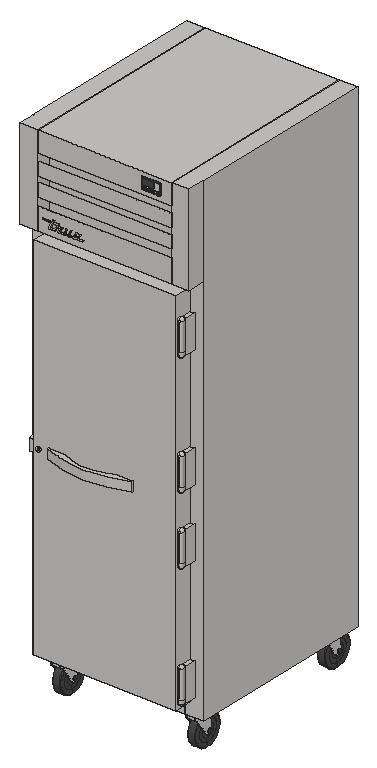
Revit family "QF_TRUE_STG1R-1S", category Specialty Equipment, Revit 2012
Parameters
  Weight in Pounds = 0
  Watts = Volts * FL Amps  # 552 W
  Volts = 115 V
  URL Manufacturer = "www.truemfg.com"
  URL Cutsheet = "www.truemfg.com"
  URL = "www.truemfg.com"
  Type Comments = "www.truemfg.com"
  Status [instance] = ""
  Specification by User [instance] = ""
  Specification by Manufacturer = ""
  Show Logo [instance] = yes
  Show Clearance [instance] = yes
  Serial Number = ""
  Seismic Rating = ""
  SMACNA No = ""
  Revision Code [instance] = ""
  Phase = 1
  Omniclass Number and Title = ""
  Number of Poles [instance] = 1
  NAFEM Spec ID Number = ""
  Model = "STG1R-1S"
  Min Ckt Ampacity = 0 A
  Max Overcurrent Protection = 0 A
  Masterspec = ""
  Manufacturer = "TRUE FOOD SERVICE EQUIPMENT, INC."
  Length = 27 1/2"
  Legs [instance] = not(Show Casters)  # no
  Item Number [instance] = ""
  Installed By [instance] = ""
  Identify Quantity as Lot [instance] = yes
  Height = 77 3/4"
  HP = "1/3"
  Furnished By [instance] = ""
  Foodservice Equipment Identifier [instance] = yes
  FL Amps = 4.8 A
  Electrical Remarks [instance] = ""
  Electric Connection Type [instance] = ""
  Elec Conn RI Height [instance] = 0"
  Elec Conn Connection Height [instance] = 0"
  Description = "REACH-IN SOLID SWING DOOR REFRIGERATORS WITH LED LIGHTING"
  Depth = 33 3/4"
  Cycle = 60 Hz
  Conn Plug = "5-15P"
  Conn Conduit = yes
  Show Casters [instance] = yes
  CSI MasterFormat = ""
  CSI Master Format = ""
  Apparent Power = if(Phase = 3, Volts * FL Amps * 1.73, Volts * FL Amps)  # 552 VA
Reference planes (in)
  plane 1 "BACK": y = 0
  plane 2: z = 0
  plane 3 "LEFT": x = 0
  plane 4 "RIGHT": x = 27.5
  plane 5 "FRONT": y = -33.75
  plane 6 "TOP": z = 84.125
  plane 7: z = 6.125
  plane 8: x = 2.84375
  plane 9: y = -33.7042
  plane 10: y = -56.78125
Forms (in)
  Extrusion 1, solid, material "QF_Finishes_Stainless Steel"
    sketch origin (0.05, 0, 0) x (1, 0, 0) y (0, 1, 0)
      loop
        line (-0.05, 0) -> (-0.05, -31) -> (2.87859, -31) -> (2.87859, 0) -> (-0.05, 0)
    from 6.125 to 84.125
  Extrusion 2, solid, material "QF_Finishes_Stainless Steel"
    sketch origin (50.15, 0, 0) x (1, 0, 0) y (0, 1, 0)
      loop
        line (-25.61468, 0) -> (-25.61468, -31) -> (-22.65, -31) -> (-22.65, 0) -> (-25.61468, 0)
    from 6.125 to 84.125
  Extrusion 3, solid, material "QF_Finishes_Stainless Steel"
    sketch origin (0, 0, 0) x (0, 1, 0) y (0, 0, 1)
      loop
        line (-33.7042, 69.5) -> (-31, 69.5) -> (-31, 6.125) -> (0, 6.125) -> (0, 84.125) -> (-33.7042, 84.125) -> (-33.7042, 80.78078) -> (-31.5, 79.21352) -> (-31.5, 78.09125) -> (-33.7042, 79.65851) -> (-33.7042, 77.5248) -> (-31.5, 75.95754) -> (-31.5, 74.99678) -> (-33.7042, 76.56404) -> (-33.7042, 74.46784) -> (-31.5, 72.90057) -> (-31.5, 71.625) -> (-33.7042, 73.19226) -> (-33.7042, 69.5)
    from 2.92859 to 24.53532
  Extrusion 4, solid, material "QF_Finishes_Stainless Steel"
    sketch origin (0, 0, 0) x (1, 0, 0) y (0, 1, 0)
      loop
        line (27.34782, -31) -> (24.53532, -31) -> (24.53532, -33.75) -> (27.34782, -33.75) -> (27.34782, -31)
    from 69.5 to 84.125
  Extrusion 5, solid, material "QF_Finishes_Stainless Steel"
    sketch origin (-50.125, 0, 0.25) x (1, 0, 0) y (0, 1, 0)
      loop
        line (53.05359, -31) -> (50.24109, -31) -> (50.24109, -33.75) -> (53.05359, -33.75) -> (53.05359, -31)
    from 69.25 to 83.875
  Extrusion 6, solid, material "QF_Finishes_Stainless Steel"
    sketch origin (-25.125, 0, -0.71875) x (1, 0, 0) y (0, 0, 1)
      loop
        line (27.40625, 68.6875) -> (27.40625, 8.75) -> (50.34375, 8.75) -> (50.34375, 68.6875) -> (27.40625, 68.6875)
    from 31 to 33.75
  Extrusion 7, solid, material "QF_Finishes_Stainless Steel"
    sketch origin (58.625, -0.25, 26.43519) x (1, 0, 0) y (0, 1, 0)
      loop
        line (-53.875, -33.5) -> (-53.875, -33.7)
        arc (-53.875, -33.7) -> (-47.075, -35.14405) -> (-40.275, -33.7) r 16.7325
        line (-40.275, -33.7) -> (-40.275, -33.5) -> (-42.675, -33.5)
        arc (-42.675, -33.5) -> (-47.075, -34.65816) -> (-51.475, -33.5) r 8.93715
        line (-51.475, -33.5) -> (-53.875, -33.5)
    from 10.87731 to 12.37731
  Extrusion 8, solid, material "QF_Finishes_Stainless Steel"
    sketch origin (-23.375, 0, -2) x (1, 0, 0) y (0, 0, 1)
      loop
        circle (26.4375, 40.0625) r 0.35
      loop
        line (26.47265, 40.33635) -> (26.41715, 40.33635) -> (26.41715, 39.76895) -> (26.47265, 39.76895) -> (26.47265, 40.33635)
    from 33.5 to 33.83066
  Extrusion 9, solid, material "QF_Finishes_Stainless Steel", visible <- "Show Logo"
    sketch origin (0.33478, 1.08173, -6.73143) x (1, 0, 0) y (0, 0, 1)
      loop
        line (3.46044, 78.46231) -> (3.35478, 78.23573) -> (4.76027, 78.23573)
        arc (4.76027, 78.23573) -> (4.78879, 78.18528) -> (4.76027, 78.13484) r 0.05887
        line (4.76027, 78.13484) -> (4.39369, 77.34872)
        arc (4.39369, 77.34872) -> (4.39051, 77.27591) -> (4.43975, 77.22217) r 0.09523
        line (4.43975, 77.22217) -> (5.33844, 77.22217)
        arc (5.33844, 77.22217) -> (5.45192, 77.25795) -> (5.52436, 77.35235) r 0.19785
        line (5.52436, 77.35235) -> (5.81285, 77.97101) -> (6.0779, 77.97101)
        arc (6.0779, 77.97101) -> (6.14744, 77.94543) -> (6.13737, 77.87203) r 0.05911
        line (6.13737, 77.87203) -> (5.89598, 77.35437)
        arc (5.89598, 77.35437) -> (5.89974, 77.2684) -> (5.97231, 77.22217) r 0.09318
        line (5.97231, 77.22217) -> (6.76198, 77.22217)
        arc (6.76198, 77.22217) -> (6.82249, 77.24419) -> (6.85468, 77.29995) r 0.09412
        arc (6.85468, 77.29995) -> (6.87746, 77.24495) -> (6.93246, 77.22217) r 0.07778
        line (6.93246, 77.22217) -> (7.43246, 77.22217)
        arc (7.43246, 77.22217) -> (7.49022, 77.23765) -> (7.53251, 77.27993) r 0.11552
        arc (7.53251, 77.27993) -> (7.55275, 77.23106) -> (7.60162, 77.21081) r 0.06912
        line (7.60162, 77.21081) -> (8.31225, 77.21081)
        arc (8.31225, 77.21081) -> (8.37034, 77.23488) -> (8.39441, 77.29297) r 0.08216
        arc (8.39441, 77.29297) -> (8.44767, 77.23972) -> (8.52042, 77.22022) r 0.14551
        line (8.52042, 77.22022) -> (9.85158, 77.22022) -> (9.99946, 77.47634) -> (8.65678, 77.47634)
        arc (8.65678, 77.47634) -> (8.61972, 77.50204) -> (8.61834, 77.54711) r 0.05009
        line (8.61834, 77.54711) -> (8.64157, 77.59692)
        arc (8.64157, 77.59692) -> (8.67723, 77.64364) -> (8.73327, 77.66135) r 0.09747
        line (8.73327, 77.66135) -> (9.16485, 77.66135)
        arc (9.16485, 77.66135) -> (9.258, 77.68631) -> (9.32619, 77.7545) r 0.1863
        line (9.32619, 77.7545) -> (9.45119, 77.97101)
        arc (9.45119, 77.97101) -> (9.45119, 78.08657) -> (9.35111, 78.14434) r 0.11556
        line (9.35111, 78.14434) -> (8.89562, 78.14434)
        arc (8.89562, 78.14434) -> (8.7795, 78.12462) -> (8.69849, 78.03912) r 0.18605
        line (8.69849, 78.03912) -> (8.48204, 77.57493)
        arc (8.48204, 77.57493) -> (8.41815, 77.49167) -> (8.31806, 77.46011) r 0.1745
        line (8.31806, 77.46011) -> (7.84559, 77.46011)
        arc (7.84559, 77.46011) -> (7.78903, 77.52184) -> (7.79268, 77.60548) r 0.10939
        line (7.79268, 77.60548) -> (8.04395, 78.14434) -> (7.88403, 78.14434) -> (7.61781, 77.57344)
        arc (7.61781, 77.57344) -> (7.56609, 77.50603) -> (7.48505, 77.48048) r 0.14128
        line (7.48505, 77.48048) -> (7.15925, 77.48048)
        arc (7.15925, 77.48048) -> (7.10419, 77.55223) -> (7.116, 77.64189) r 0.11816
        line (7.116, 77.64189) -> (7.3503, 78.14434) -> (7.18514, 78.14434) -> (6.91546, 77.566)
        arc (6.91546, 77.566) -> (6.85285, 77.50339) -> (6.76733, 77.48048) r 0.17104
        line (6.76733, 77.48048) -> (6.29555, 77.48048)
        arc (6.29555, 77.48048) -> (6.21082, 77.51999) -> (6.20267, 77.61313) r 0.0935
        line (6.20267, 77.61313) -> (6.35774, 77.94569) -> (6.57695, 77.94569)
        arc (6.57695, 77.94569) -> (6.61395, 78.05717) -> (6.69267, 78.14434) r 0.2857
        line (6.69267, 78.14434) -> (5.83605, 78.14434)
        arc (5.83605, 78.14434) -> (5.74086, 78.12324) -> (5.67498, 78.05135) r 0.16212
        line (5.67498, 78.05135) -> (5.44279, 77.55341)
        arc (5.44279, 77.55341) -> (5.3894, 77.50002) -> (5.31647, 77.48048) r 0.14586
        line (5.31647, 77.48048) -> (4.80506, 77.48048)
        arc (4.80506, 77.48048) -> (4.76514, 77.53442) -> (4.77274, 77.60109) r 0.09155
        line (4.77274, 77.60109) -> (5.11018, 78.23573) -> (5.96155, 78.23573) -> (6.06721, 78.46231) -> (5.21584, 78.46231) -> (5.32149, 78.68888) -> (5.01862, 78.68888) -> (4.91297, 78.46231) -> (3.46044, 78.46231)
      loop
        arc (8.83805, 77.93863) -> (8.80119, 77.92875) -> (8.7742, 77.90176) r 0.07373
        line (8.7742, 77.90176) -> (8.75229, 77.83436)
        arc (8.75229, 77.83436) -> (8.76245, 77.80983) -> (8.78699, 77.79966) r 0.0347
        line (8.78699, 77.79966) -> (9.15948, 77.79966)
        arc (9.15948, 77.79966) -> (9.18632, 77.80561) -> (9.20812, 77.82234) r 0.0635
        line (9.20812, 77.82234) -> (9.22624, 77.90622)
        arc (9.22624, 77.90622) -> (9.22091, 77.92868) -> (9.20009, 77.93863) r 0.02676
        line (9.20009, 77.93863) -> (8.83805, 77.93863)
    from 34.76797 to 34.83173
  Extrusion 10, solid, material "QF_Finishes_Stainless Steel"
    sketch origin (-25.125, 0, 0) x (1, 0, 0) y (0, 0, 1)
      loop
        circle (49.375, 82) r 0.25
    from 0 to 0.0625
  Blend 11, solid, material "QF_Finishes_Stainless Steel"
    base sketch origin (27.53125, 0, 0) x (-1, 0, 0) y (0, 0, -1)
      loop
        line (25.25, -38.99169) -> (26, -38.99169) -> (26, -37.24169) -> (25.25, -37.24169) -> (25.25, -38.99169)
    top sketch origin (27.53125, 0, 0) x (-1, 0, 0) y (0, 0, -1)
      loop
        line (26.18223, -36.6441) -> (25.25, -36.6441) -> (25.25, -39.42643) -> (26.18223, -39.42643) -> (26.18223, -36.6441)
    from 33.57883 to 31
  Extrusion 12, solid, material "QF_Finishes_Stainless Steel"
    sketch origin (26.1875, 0, 0) x (0, 1, 0) y (0, 0, -1)
      loop
        line (-31, -64.55229) -> (-31, -59.23627) -> (-33.25, -59.23627) -> (-33.25, -59.94848) -> (-32.81497, -59.94848) -> (-32.81497, -64.34776)
        arc (-32.81497, -64.34776) -> (-32.75506, -64.49238) -> (-32.61044, -64.55229) r 0.20453
        line (-32.61044, -64.55229) -> (-31, -64.55229)
    from 0.17506 to 1
  Revolve 13, solid, material "QF_Finishes_Stainless Steel"
    sketch origin (25.6875, 0, 0) x (0, 1, 0) y (0, 0, -1)
      loop
        line (-33.26563, -60.00189) -> (-33.67229, -60.00189) -> (-33.67229, -64.4736)
        arc (-33.67229, -64.4736) -> (-33.53722, -64.72557) -> (-33.26563, -64.81483) r 0.3848
        line (-33.26563, -64.81483) -> (-33.26563, -60.00189)
      loop
        line (-33.26563, -59.94848) -> (-33.26563, -59.04781)
        arc (-33.26563, -59.04781) -> (-33.53264, -59.13383) -> (-33.67229, -59.37712) r 0.38884
        line (-33.67229, -59.37712) -> (-33.67229, -59.94848) -> (-33.26563, -59.94848)
      axis (-33.26563, -59.04781) -> (-33.26563, -64.81483)
    angle from 0 to 360
  Extrusion 14, solid, material "QF_Finishes_Stainless Steel"
    sketch origin (27.5, 0, 0) x (-1, 0, 0) y (0, 0, -1)
      loop
        line (1.91491, -64.4736) -> (2.3125, -64.4736) -> (2.3125, -60.00079) -> (1.91491, -60.00079) -> (1.91491, -64.4736)
    from 32.81497 to 33.59495
  Extrusion 15, solid, material "QF_Finishes_Stainless Steel"
    sketch origin (26.1875, 0, -19.5) x (0, 1, 0) y (0, 0, -1)
      loop
        line (-31, -64.55229) -> (-31, -59.23627) -> (-33.25, -59.23627) -> (-33.25, -59.94848) -> (-32.81497, -59.94848) -> (-32.81497, -64.34776)
        arc (-32.81497, -64.34776) -> (-32.75506, -64.49238) -> (-32.61044, -64.55229) r 0.20453
        line (-32.61044, -64.55229) -> (-31, -64.55229)
    from 0.17506 to 1
  Revolve 16, solid, material "QF_Finishes_Stainless Steel"
    sketch origin (25.6875, 0, -19.5) x (0, 1, 0) y (0, 0, -1)
      loop
        line (-33.26563, -60.00189) -> (-33.67229, -60.00189) -> (-33.67229, -64.4736)
        arc (-33.67229, -64.4736) -> (-33.53722, -64.72557) -> (-33.26563, -64.81483) r 0.3848
        line (-33.26563, -64.81483) -> (-33.26563, -60.00189)
      loop
        line (-33.26563, -59.94848) -> (-33.26563, -59.04781)
        arc (-33.26563, -59.04781) -> (-33.53264, -59.13383) -> (-33.67229, -59.37712) r 0.38884
        line (-33.67229, -59.37712) -> (-33.67229, -59.94848) -> (-33.26563, -59.94848)
      axis (-33.26563, -59.04781) -> (-33.26563, -64.81483)
    angle from 0 to 360
  Extrusion 17, solid, material "QF_Finishes_Stainless Steel"
    sketch origin (27.5, 0, -19.5) x (-1, 0, 0) y (0, 0, -1)
      loop
        line (1.91491, -64.4736) -> (2.3125, -64.4736) -> (2.3125, -60.00079) -> (1.91491, -60.00079) -> (1.91491, -64.4736)
    from 32.81497 to 33.59495
  Extrusion 18, solid, material "QF_Finishes_Stainless Steel"
    sketch origin (26.1875, 0, -30.5) x (0, 1, 0) y (0, 0, -1)
      loop
        line (-31, -64.55229) -> (-31, -59.23627) -> (-33.25, -59.23627) -> (-33.25, -59.94848) -> (-32.81497, -59.94848) -> (-32.81497, -64.34776)
        arc (-32.81497, -64.34776) -> (-32.75506, -64.49238) -> (-32.61044, -64.55229) r 0.20453
        line (-32.61044, -64.55229) -> (-31, -64.55229)
    from 0.17506 to 1
  Revolve 19, solid, material "QF_Finishes_Stainless Steel"
    sketch origin (25.6875, 0, -30.5) x (0, 1, 0) y (0, 0, -1)
      loop
        line (-33.26563, -60.00189) -> (-33.67229, -60.00189) -> (-33.67229, -64.4736)
        arc (-33.67229, -64.4736) -> (-33.53722, -64.72557) -> (-33.26563, -64.81483) r 0.3848
        line (-33.26563, -64.81483) -> (-33.26563, -60.00189)
      loop
        line (-33.26563, -59.94848) -> (-33.26563, -59.04781)
        arc (-33.26563, -59.04781) -> (-33.53264, -59.13383) -> (-33.67229, -59.37712) r 0.38884
        line (-33.67229, -59.37712) -> (-33.67229, -59.94848) -> (-33.26563, -59.94848)
      axis (-33.26563, -59.04781) -> (-33.26563, -64.81483)
    angle from 0 to 360
  Extrusion 20, solid, material "QF_Finishes_Stainless Steel"
    sketch origin (27.5, 0, -30.5) x (-1, 0, 0) y (0, 0, -1)
      loop
        line (1.91491, -64.4736) -> (2.3125, -64.4736) -> (2.3125, -60.00079) -> (1.91491, -60.00079) -> (1.91491, -64.4736)
    from 32.81497 to 33.59495
  Extrusion 21, solid, material "QF_Finishes_Stainless Steel"
    sketch origin (26.1875, 0, -50.25) x (0, 1, 0) y (0, 0, -1)
      loop
        line (-31, -64.55229) -> (-31, -59.23627) -> (-33.25, -59.23627) -> (-33.25, -59.94848) -> (-32.81497, -59.94848) -> (-32.81497, -64.34776)
        arc (-32.81497, -64.34776) -> (-32.75506, -64.49238) -> (-32.61044, -64.55229) r 0.20453
        line (-32.61044, -64.55229) -> (-31, -64.55229)
    from 0.17506 to 1
  Revolve 22, solid, material "QF_Finishes_Stainless Steel"
    sketch origin (25.6875, 0, -50.25) x (0, 1, 0) y (0, 0, -1)
      loop
        line (-33.26563, -60.00189) -> (-33.67229, -60.00189) -> (-33.67229, -64.4736)
        arc (-33.67229, -64.4736) -> (-33.53722, -64.72557) -> (-33.26563, -64.81483) r 0.3848
        line (-33.26563, -64.81483) -> (-33.26563, -60.00189)
      loop
        line (-33.26563, -59.94848) -> (-33.26563, -59.04781)
        arc (-33.26563, -59.04781) -> (-33.53264, -59.13383) -> (-33.67229, -59.37712) r 0.38884
        line (-33.67229, -59.37712) -> (-33.67229, -59.94848) -> (-33.26563, -59.94848)
      axis (-33.26563, -59.04781) -> (-33.26563, -64.81483)
    angle from 0 to 360
  Extrusion 23, solid, material "QF_Finishes_Stainless Steel"
    sketch origin (27.5, 0, -50.25) x (-1, 0, 0) y (0, 0, -1)
      loop
        line (1.91491, -64.4736) -> (2.3125, -64.4736) -> (2.3125, -60.00079) -> (1.91491, -60.00079) -> (1.91491, -64.4736)
    from 32.81497 to 33.59495
  Revolve 24, solid, material "QF_Finishes_Black", visible <- "Show Casters"
    sketch origin (22.65625, -27.375, 0) x (1, 0, 0) y (0, 0, 1)
      loop
        line (1.475, 5) -> (1.375, 4.9) -> (1.375, 4.29941) -> (1.53601, 4.29941) -> (1.53601, 3.54941) -> (1.375, 3.54941) -> (1.375, 2.79941) -> (0.975, 2.79941) -> (0.975, 2.5) -> (3.025, 2.5) -> (3.025, 2.79941) -> (2.62908, 2.79941) -> (2.62908, 3.54941) -> (2.46399, 3.54941) -> (2.46399, 4.29941) -> (2.62908, 4.29941) -> (2.62908, 4.89592) -> (2.525, 5) -> (1.475, 5)
      axis (3.025, 2.5) -> (0.975, 2.5)
    angle from 0 to 360
  Extrusion 25, solid, material "QF_Finishes_Stainless Steel", visible <- "Show Casters"
    sketch origin (22.5625, 0, 0) x (0, 1, 0) y (0, 0, 1)
      loop
        line (-29.95136, 5.48574) -> (-29.95136, 4.88089) -> (-29.70136, 4.88089) -> (-27.95216, 2.18736)
        arc (-27.95216, 2.18736) -> (-27.23883, 1.94868) -> (-26.84581, 2.59003) r 0.60416
        line (-26.84581, 2.59003) -> (-27.20136, 5.48574) -> (-29.95136, 5.48574)
      loop
        line (-3.8577, 5.48574) -> (-3.8577, 4.88089) -> (-3.6077, 4.88089) -> (-1.8585, 2.18736)
        arc (-1.8585, 2.18736) -> (-1.14517, 1.94868) -> (-0.75215, 2.59003) r 0.60416
        line (-0.75215, 2.59003) -> (-1.1077, 5.48574) -> (-3.8577, 5.48574)
    from 1.175 to 1.325
  Extrusion 26, solid, material "QF_Finishes_Stainless Steel", visible <- "Show Casters"
    sketch origin (24.0625, 0, 0) x (0, 1, 0) y (0, 0, 1)
      loop
        line (-29.95136, 5.48574) -> (-29.95136, 4.88089) -> (-29.70136, 4.88089) -> (-27.95216, 2.18736)
        arc (-27.95216, 2.18736) -> (-27.23883, 1.94868) -> (-26.84581, 2.59003) r 0.60416
        line (-26.84581, 2.59003) -> (-27.20136, 5.48574) -> (-29.95136, 5.48574)
      loop
        line (-3.8577, 5.48574) -> (-3.8577, 4.88089) -> (-3.6077, 4.88089) -> (-1.8585, 2.18736)
        arc (-1.8585, 2.18736) -> (-1.14517, 1.94868) -> (-0.75215, 2.59003) r 0.60416
        line (-0.75215, 2.59003) -> (-1.1077, 5.48574) -> (-3.8577, 5.48574)
    from 1.175 to 1.325
  Revolve 27, solid, material "QF_Finishes_Stainless Steel", visible <- "Show Casters"
    sketch origin (22.65625, -28.5625, -0.5) x (1, 0, 0) y (0, 0, 1)
      loop
        line (2, 5.99546) -> (2, 6.62359) -> (0.70293, 6.62359) -> (0.70293, 5.99546) -> (2, 5.99546)
      axis (2, 5.99546) -> (2, 6.62359)
    angle from 0 to 360
  Revolve 28, solid, material "QF_Finishes_Stainless Steel", visible <- "Legs"
    sketch origin (22.65625, -2.69102, 0) x (1, 0, 0) y (0, 0, 1)
      loop
        line (2, 6.125) -> (0.66662, 6.125) -> (1.25, 1) -> (1.5, 1) -> (1.5, 0) -> (2, 0) -> (2, 6.125)
      axis (2, 0) -> (2, 6.125)
    angle from 0 to 360
  Revolve 29, solid, material "QF_Finishes_Stainless Steel", visible <- "Legs"
    sketch origin (22.65625, -28.65977, 0) x (1, 0, 0) y (0, 0, 1)
      loop
        line (2, 6.125) -> (0.66662, 6.125) -> (1.25, 1) -> (1.5, 1) -> (1.5, 0) -> (2, 0) -> (2, 6.125)
      axis (2, 0) -> (2, 6.125)
    angle from 0 to 360
  Revolve 30, solid, material "QF_Finishes_Stainless Steel", visible <- "Show Casters"
    sketch origin (22.65625, -2.70321, -0.5) x (1, 0, 0) y (0, 0, 1)
      loop
        line (2, 5.99546) -> (2, 6.62359) -> (0.70293, 6.62359) -> (0.70293, 5.99546) -> (2, 5.99546)
      axis (2, 5.99546) -> (2, 6.62359)
    angle from 0 to 360
  Extrusion 31, solid, material "QF_Finishes_Stainless Steel", visible <- "Show Casters"
    sketch origin (-25.21875, 0, 0) x (0, 1, 0) y (0, 0, 1)
      loop
        line (-29.95136, 5.48574) -> (-29.95136, 4.88089) -> (-29.70136, 4.88089) -> (-27.16533, 5.19227) -> (-27.20136, 5.48574) -> (-29.95136, 5.48574)
      loop
        line (-3.8577, 5.48574) -> (-3.8577, 4.88089) -> (-3.6077, 4.88089) -> (-1.07167, 5.19227) -> (-1.1077, 5.48574) -> (-3.8577, 5.48574)
    from 49.10625 to 50.45625
  Revolve 32, solid, material "QF_Finishes_Black", visible <- "Show Casters"
    sketch origin (22.65625, -1.21875, 0) x (1, 0, 0) y (0, 0, 1)
      loop
        line (1.475, 5) -> (1.375, 4.9) -> (1.375, 4.29941) -> (1.53601, 4.29941) -> (1.53601, 3.54941) -> (1.375, 3.54941) -> (1.375, 2.79941) -> (0.975, 2.79941) -> (0.975, 2.5) -> (3.025, 2.5) -> (3.025, 2.79941) -> (2.62908, 2.79941) -> (2.62908, 3.54941) -> (2.46399, 3.54941) -> (2.46399, 4.29941) -> (2.62908, 4.29941) -> (2.62908, 4.89592) -> (2.525, 5) -> (1.475, 5)
      axis (3.025, 2.5) -> (0.975, 2.5)
    angle from 0 to 360
  Revolve 33, solid, material "QF_Finishes_Black", visible <- "Show Casters"
    sketch origin (0.84375, -27.375, 0) x (1, 0, 0) y (0, 0, 1)
      loop
        line (1.475, 5) -> (1.375, 4.9) -> (1.375, 4.29941) -> (1.53601, 4.29941) -> (1.53601, 3.54941) -> (1.375, 3.54941) -> (1.375, 2.79941) -> (0.975, 2.79941) -> (0.975, 2.5) -> (3.025, 2.5) -> (3.025, 2.79941) -> (2.62908, 2.79941) -> (2.62908, 3.54941) -> (2.46399, 3.54941) -> (2.46399, 4.29941) -> (2.62908, 4.29941) -> (2.62908, 4.89592) -> (2.525, 5) -> (1.475, 5)
      axis (3.025, 2.5) -> (0.975, 2.5)
    angle from 0 to 360
  Extrusion 34, solid, material "QF_Finishes_Stainless Steel", visible <- "Show Casters"
    sketch origin (0.84375, 0, 0) x (0, 1, 0) y (0, 0, 1)
      loop
        line (-29.95136, 5.48574) -> (-29.95136, 4.88089) -> (-29.70136, 4.88089) -> (-27.95216, 2.18736)
        arc (-27.95216, 2.18736) -> (-27.23883, 1.94868) -> (-26.84581, 2.59003) r 0.60416
        line (-26.84581, 2.59003) -> (-27.20136, 5.48574) -> (-29.95136, 5.48574)
      loop
        line (-3.8577, 5.48574) -> (-3.8577, 4.88089) -> (-3.6077, 4.88089) -> (-1.8585, 2.18736)
        arc (-1.8585, 2.18736) -> (-1.14517, 1.94868) -> (-0.75215, 2.59003) r 0.60416
        line (-0.75215, 2.59003) -> (-1.1077, 5.48574) -> (-3.8577, 5.48574)
    from 1.175 to 1.325
  Extrusion 35, solid, material "QF_Finishes_Stainless Steel", visible <- "Show Casters"
    sketch origin (2.34375, 0, 0) x (0, 1, 0) y (0, 0, 1)
      loop
        line (-29.95136, 5.48574) -> (-29.95136, 4.88089) -> (-29.70136, 4.88089) -> (-27.95216, 2.18736)
        arc (-27.95216, 2.18736) -> (-27.23883, 1.94868) -> (-26.84581, 2.59003) r 0.60416
        line (-26.84581, 2.59003) -> (-27.20136, 5.48574) -> (-29.95136, 5.48574)
      loop
        line (-3.8577, 5.48574) -> (-3.8577, 4.88089) -> (-3.6077, 4.88089) -> (-1.8585, 2.18736)
        arc (-1.8585, 2.18736) -> (-1.14517, 1.94868) -> (-0.75215, 2.59003) r 0.60416
        line (-0.75215, 2.59003) -> (-1.1077, 5.48574) -> (-3.8577, 5.48574)
    from 1.175 to 1.325
  Revolve 36, solid, material "QF_Finishes_Stainless Steel", visible <- "Show Casters"
    sketch origin (0.84375, -28.5625, -0.5) x (1, 0, 0) y (0, 0, 1)
      loop
        line (2, 5.99546) -> (2, 6.62359) -> (0.70293, 6.62359) -> (0.70293, 5.99546) -> (2, 5.99546)
      axis (2, 5.99546) -> (2, 6.62359)
    angle from 0 to 360
  Revolve 37, solid, material "QF_Finishes_Stainless Steel", visible <- "Legs"
    sketch origin (0.84375, -2.69102, 0) x (1, 0, 0) y (0, 0, 1)
      loop
        line (2, 6.125) -> (0.66662, 6.125) -> (1.25, 1) -> (1.5, 1) -> (1.5, 0) -> (2, 0) -> (2, 6.125)
      axis (2, 0) -> (2, 6.125)
    angle from 0 to 360
  Revolve 38, solid, material "QF_Finishes_Stainless Steel", visible <- "Legs"
    sketch origin (0.84375, -28.65977, 0) x (1, 0, 0) y (0, 0, 1)
      loop
        line (2, 6.125) -> (0.66662, 6.125) -> (1.25, 1) -> (1.5, 1) -> (1.5, 0) -> (2, 0) -> (2, 6.125)
      axis (2, 0) -> (2, 6.125)
    angle from 0 to 360
  Revolve 39, solid, material "QF_Finishes_Stainless Steel", visible <- "Show Casters"
    sketch origin (0.84375, -2.70321, -0.5) x (1, 0, 0) y (0, 0, 1)
      loop
        line (2, 5.99546) -> (2, 6.62359) -> (0.70293, 6.62359) -> (0.70293, 5.99546) -> (2, 5.99546)
      axis (2, 5.99546) -> (2, 6.62359)
    angle from 0 to 360
  Extrusion 40, solid, material "QF_Finishes_Stainless Steel", visible <- "Show Casters"
    sketch origin (-46.9375, 0, 0) x (0, 1, 0) y (0, 0, 1)
      loop
        line (-29.95136, 5.48574) -> (-29.95136, 4.88089) -> (-29.70136, 4.88089) -> (-27.16533, 5.19227) -> (-27.20136, 5.48574) -> (-29.95136, 5.48574)
      loop
        line (-3.8577, 5.48574) -> (-3.8577, 4.88089) -> (-3.6077, 4.88089) -> (-1.07167, 5.19227) -> (-1.1077, 5.48574) -> (-3.8577, 5.48574)
    from 49.10625 to 50.45625
  Revolve 41, solid, material "QF_Finishes_Black", visible <- "Show Casters"
    sketch origin (0.84375, -1.21875, 0) x (1, 0, 0) y (0, 0, 1)
      loop
        line (1.475, 5) -> (1.375, 4.9) -> (1.375, 4.29941) -> (1.53601, 4.29941) -> (1.53601, 3.54941) -> (1.375, 3.54941) -> (1.375, 2.79941) -> (0.975, 2.79941) -> (0.975, 2.5) -> (3.025, 2.5) -> (3.025, 2.79941) -> (2.62908, 2.79941) -> (2.62908, 3.54941) -> (2.46399, 3.54941) -> (2.46399, 4.29941) -> (2.62908, 4.29941) -> (2.62908, 4.89592) -> (2.525, 5) -> (1.475, 5)
      axis (3.025, 2.5) -> (0.975, 2.5)
    angle from 0 to 360
  Extrusion 42, solid, material "QF_Finishes_White"
    sketch origin (-23.16691, 1.06376, 1.58022) x (1, 0, 0) y (0, 0, 1)
      loop
        line (42.91107, 81.73227) -> (42.91107, 79.98496) -> (45.81732, 79.98496) -> (45.81732, 81.73227) -> (42.91107, 81.73227)
    from 34.75 to 34.76797
  Extrusion 43, solid, material "QF_Finishes_Black"
    sketch origin (-23.16691, 1.06376, 1.58022) x (1, 0, 0) y (0, 0, 1)
      loop
        line (45.87982, 81.79477) -> (42.84857, 81.79477) -> (42.84857, 79.92246) -> (45.87982, 79.92246) -> (45.87982, 81.79477)
      loop
        spline (43.04857, 80.25372) -> (43.05708, 80.23754) -> (43.08206, 80.22247) -> (43.12179, 80.20952) -> (43.17357, 80.19959) -> (43.23386, 80.19335) -> (43.29857, 80.19122) -> (43.36327, 80.19335) -> (43.42357, 80.19959) -> (43.47534, 80.20952) -> (43.51507, 80.22247) -> (43.54005, 80.23754) -> (43.54857, 80.25372)
        spline (43.54857, 80.25372) -> (43.54005, 80.26989) -> (43.51507, 80.28497) -> (43.47534, 80.29791) -> (43.42357, 80.30784) -> (43.36327, 80.31409) -> (43.29857, 80.31622) -> (43.23386, 80.31409) -> (43.17357, 80.30784) -> (43.12179, 80.29791) -> (43.08206, 80.28497) -> (43.05708, 80.26989) -> (43.04857, 80.25372)
      loop
        spline (43.74458, 80.25372) -> (43.7531, 80.23754) -> (43.77807, 80.22247) -> (43.8178, 80.20952) -> (43.86958, 80.19959) -> (43.92987, 80.19335) -> (43.99458, 80.19122) -> (44.05928, 80.19335) -> (44.11958, 80.19959) -> (44.17136, 80.20952) -> (44.21109, 80.22247) -> (44.23606, 80.23754) -> (44.24458, 80.25372)
        spline (44.24458, 80.25372) -> (44.23606, 80.26989) -> (44.21109, 80.28497) -> (44.17136, 80.29791) -> (44.11958, 80.30784) -> (44.05928, 80.31409) -> (43.99458, 80.31622) -> (43.92987, 80.31409) -> (43.86958, 80.30784) -> (43.8178, 80.29791) -> (43.77807, 80.28497) -> (43.7531, 80.26989) -> (43.74458, 80.25372)
      loop
        spline (44.49458, 80.25372) -> (44.5031, 80.23754) -> (44.52807, 80.22247) -> (44.5678, 80.20952) -> (44.61958, 80.19959) -> (44.67987, 80.19335) -> (44.74458, 80.19122) -> (44.80928, 80.19335) -> (44.86958, 80.19959) -> (44.92136, 80.20952) -> (44.96109, 80.22247) -> (44.98606, 80.23754) -> (44.99458, 80.25372)
        spline (44.99458, 80.25372) -> (44.98606, 80.26989) -> (44.96109, 80.28497) -> (44.92136, 80.29791) -> (44.86958, 80.30784) -> (44.80928, 80.31409) -> (44.74458, 80.31622) -> (44.67987, 80.31409) -> (44.61958, 80.30784) -> (44.5678, 80.29791) -> (44.52807, 80.28497) -> (44.5031, 80.26989) -> (44.49458, 80.25372)
      loop
        line (43.04856, 81.59478) -> (43.04856, 80.59478) -> (44.74808, 80.59478) -> (44.74808, 81.59478) -> (43.04856, 81.59478)
      loop
        line (45.81732, 81.73227) -> (42.91107, 81.73227) -> (42.91107, 79.98496) -> (45.81732, 79.98496) -> (45.81732, 81.73227)
      loop
        spline (45.24458, 80.25372) -> (45.2531, 80.23754) -> (45.27807, 80.22247) -> (45.3178, 80.20952) -> (45.36958, 80.19959) -> (45.42987, 80.19335) -> (45.49458, 80.19122) -> (45.55928, 80.19335) -> (45.61958, 80.19959) -> (45.67136, 80.20952) -> (45.71109, 80.22247) -> (45.73606, 80.23754) -> (45.74458, 80.25372)
        spline (45.74458, 80.25372) -> (45.73606, 80.26989) -> (45.71109, 80.28497) -> (45.67136, 80.29791) -> (45.61958, 80.30784) -> (45.55928, 80.31409) -> (45.49458, 80.31622) -> (45.42987, 80.31409) -> (45.36958, 80.30784) -> (45.3178, 80.29791) -> (45.27807, 80.28497) -> (45.2531, 80.26989) -> (45.24458, 80.25372)
    from 34.76797 to 34.80335
  Extrusion 44, solid, material "QF_Door-Drawer Clearances", visible <- "Show Clearance", detail levels coarse
    sketch origin (26.42841, -3.66828, 0) x (1, 0, 0) y (0, 1, 0)
      loop
        line (-1.20973, -30.08193) -> (-24.14716, -30.08193)
        arc (-24.14716, -30.08193) -> (-17.48395, -46.38342) -> (-1.20973, -53.11297) r 22.86401
        line (-1.20973, -53.11297) -> (-1.20973, -30.08193)
    from 8.03125 to 67.96875
Cuts and joins
  joined: Extrusion 1, Extrusion 2, Extrusion 4, Extrusion 5
Lines and regions (in)
  symbolic lines
    curve 1: line (0, 0, 0) -> (27.5, 0, 0)
    curve 2: line (0, -33.75, 0) -> (0, 0, 0)
    curve 3: line (27.5, -33.75, 0) -> (0, -33.75, 0)
    curve 4: line (27.5, 0, 0) -> (27.5, -33.75, 0)
    curve 5: line (27.5, -31.5, 0) -> (0, -31.5, 0)
    curve 22: arc (15.95746, -33.75, 0) -> (11.55746, -34.90816, 0) -> (7.15746, -33.75, 0) r 8.93715
    curve 23: arc (4.75746, -33.95, 0) -> (11.55746, -35.39405, 0) -> (18.35746, -33.95, 0) r 16.7325
    curve 24: line (4.75746, -33.75, 0) -> (4.75746, -33.95, 0)
    curve 25: line (18.35746, -33.95, 0) -> (18.35746, -33.75, 0)
  symbolic lines, style "SpecialityEquipmentHiddenLines", visible <- "Show Casters"
    curve 6: line (3.82597, -24.4208, 0) -> (5.12501, -25.1708, 0)
    curve 7: line (1.20097, -28.96743, 0) -> (3.82597, -24.4208, 0)
    curve 8: line (2.50001, -29.71743, 0) -> (1.20097, -28.96743, 0)
    curve 9: line (5.12501, -25.1708, 0) -> (2.50001, -29.71743, 0)
    curve 10: line (3.82597, -0.4208, 0) -> (5.12501, -1.1708, 0)
    curve 11: line (1.20097, -4.96743, 0) -> (3.82597, -0.4208, 0)
    curve 12: line (2.50001, -5.71743, 0) -> (1.20097, -4.96743, 0)
    curve 13: line (5.12501, -1.1708, 0) -> (2.50001, -5.71743, 0)
    curve 14: line (24.73343, -0.4208, 0) -> (26.03247, -1.1708, 0)
    curve 15: line (22.10843, -4.96743, 0) -> (24.73343, -0.4208, 0)
    curve 16: line (23.40747, -5.71743, 0) -> (22.10843, -4.96743, 0)
    curve 17: line (26.03247, -1.1708, 0) -> (23.40747, -5.71743, 0)
    curve 18: line (24.73343, -24.52487, 0) -> (26.03247, -25.27487, 0)
    curve 19: line (22.10843, -29.07151, 0) -> (24.73343, -24.52487, 0)
    curve 20: line (23.40747, -29.82151, 0) -> (22.10843, -29.07151, 0)
    curve 21: line (26.03247, -25.27487, 0) -> (23.40747, -29.82151, 0)
  symbolic lines, style "QF_Door-Drawer Clearances"
    curve 26: line (25.21875, -33.75, 0) -> (5.35429, -45.21875, 0)
    curve 27: arc (5.35429, -45.21875, 0) -> (3.06283, -39.68666, 0) -> (2.28125, -33.75, 0) r 22.9375
Dimensions and locks (in)
  "Depth": plane 5 "FRONT" to plane 1 "BACK"
  plane 7 to level = 6 1/8"
  plane 6 "TOP" to level = 84 1/8"
  plane 6 "TOP" to plane 7 = 78"
  plane 6 "TOP" to cut or joined group of Extrusion 1, Extrusion 2, Extrusion 4, Extrusion 5 = 14 5/8"
  Extrusion 6 to plane 1 "BACK" = 33 3/4"
  "Length": plane 3 "LEFT" to plane 4 "RIGHT"
  plane 4 "RIGHT" to plane 3 "LEFT" = 27 1/2"
  cut or joined group of Extrusion 1, Extrusion 2, Extrusion 4, Extrusion 5 to cut or joined group of Extrusion 1, Extrusion 2, Extrusion 4, Extrusion 5 = 2 13/16"  (x2)
  plane 10 to plane 5 "FRONT" = 23 1/32"
  aligned and locked: level to plane 2
Automatic sketch dimensions
  Extrusion 1 sketch curve to plane 3 "LEFT" = 0"
  plane 1 "BACK" to Extrusion 1 sketch curve = 0"
  Extrusion 1 sketch curve to Extrusion 1 sketch curve = 2.92859"
  Extrusion 1 sketch curve to plane 5 "FRONT" = 2 3/4"
  plane 1 "BACK" to Extrusion 2 sketch curve = 0"
  Extrusion 2 sketch curve to plane 4 "RIGHT" = 0"
  Extrusion 2 sketch curve to plane 5 "FRONT" = 2 3/4"
  plane 5 "FRONT" to Extrusion 4 sketch curve = 0"
  Extrusion 4 sketch curve to plane 4 "RIGHT" = 0.15218"
  Extrusion 4 sketch curve to plane 5 "FRONT" = 2 3/4"
  plane 5 "FRONT" to Extrusion 5 sketch curve = 0"
  plane 3 "LEFT" to Extrusion 5 sketch curve = 0.11609"
  Extrusion 5 sketch curve to Extrusion 5 sketch curve = 2 13/16"
  Extrusion 5 sketch curve to plane 5 "FRONT" = 2 3/4"
  plane 5 "FRONT" to Extrusion 7 sketch curve = 0"  (x2)
  Extrusion 7 sketch curve to Extrusion 7 sketch curve = 2.4"  (x2)
  Extrusion 7 sketch curve to Extrusion 7 sketch curve = 4.4"
  Extrusion 7 sketch curve to Extrusion 7 sketch curve = 0"
  Extrusion 7 sketch curve to Extrusion 7 sketch curve = 0.2"
  Extrusion 7 sketch curve to plane 5 "FRONT" = 7.77899"
  Extrusion 7 sketch curve to Extrusion 7 sketch curve = 7.30945"
  Extrusion 8 sketch curve to Extrusion 8 sketch curve = 0.02035"
  Extrusion 8 sketch curve to Extrusion 8 sketch curve = 0.0555"
  Extrusion 8 sketch curve to Extrusion 8 sketch curve = 0.29355"
  Extrusion 8 sketch curve to Extrusion 8 sketch curve = 0.27385"
  plane 3 "LEFT" to Extrusion 9 sketch curve = 3.68957"
  Extrusion 9 sketch curve to Extrusion 9 sketch curve = 0.10565"  (x5)
  Extrusion 9 sketch curve to Extrusion 9 sketch curve = 1.03891"
  Extrusion 9 sketch curve to Extrusion 9 sketch curve = 0.04606"
  Extrusion 9 sketch curve to Extrusion 9 sketch curve = 0.04025"
  Extrusion 9 sketch curve to Extrusion 9 sketch curve = 0.33624"
  Extrusion 9 sketch curve to Extrusion 9 sketch curve = 0.03034"  (x2)
  Extrusion 9 sketch curve to Extrusion 9 sketch curve = 0.29274"
  Extrusion 9 sketch curve to Extrusion 9 sketch curve = 0.03232"
  Extrusion 9 sketch curve to Extrusion 9 sketch curve = 0.08083"
  Extrusion 9 sketch curve to Extrusion 9 sketch curve = 0.1527"
  Extrusion 9 sketch curve to Extrusion 9 sketch curve = 0.19721"
  Extrusion 9 sketch curve to Extrusion 9 sketch curve = 0.4629"
  Extrusion 9 sketch curve to Extrusion 9 sketch curve = 0.02197"
  Extrusion 9 sketch curve to Extrusion 9 sketch curve = 0.12632"
  Extrusion 9 sketch curve to Extrusion 9 sketch curve = 0.18591"
  Extrusion 9 sketch curve to Extrusion 9 sketch curve = 0.2322"
  Extrusion 9 sketch curve to Extrusion 9 sketch curve = 0.13786"
  Extrusion 9 sketch curve to Extrusion 9 sketch curve = 0.00907"
  Extrusion 9 sketch curve to Extrusion 9 sketch curve = 0.01413"
  Extrusion 9 sketch curve to Extrusion 9 sketch curve = 0.37162"
  Extrusion 9 sketch curve to Extrusion 9 sketch curve = 0.12551"
  Extrusion 9 sketch curve to Extrusion 9 sketch curve = 0.07633"
  Extrusion 9 sketch curve to Extrusion 9 sketch curve = 0.08445"
  Extrusion 9 sketch curve to Extrusion 9 sketch curve = 0.25598"
  Extrusion 9 sketch curve to Extrusion 9 sketch curve = 0.01887"
  Extrusion 9 sketch curve to Extrusion 9 sketch curve = 0.04061"
  Extrusion 9 sketch curve to Extrusion 9 sketch curve = 0.0653"
  Extrusion 9 sketch curve to Extrusion 9 sketch curve = 0.08474"
  Extrusion 9 sketch curve to Extrusion 9 sketch curve = 0.00815"
  Extrusion 9 sketch curve to Extrusion 9 sketch curve = 0.22037"
  Extrusion 9 sketch curve to Extrusion 9 sketch curve = 0.21921"
  Extrusion 9 sketch curve to Extrusion 9 sketch curve = 0.11572"
  Extrusion 9 sketch curve to Extrusion 9 sketch curve = 0.46643"
  Extrusion 9 sketch curve to Extrusion 9 sketch curve = 0.00535"
  Extrusion 9 sketch curve to Extrusion 9 sketch curve = 0.09269"
  Extrusion 9 sketch curve to Extrusion 9 sketch curve = 0.09348"
  Extrusion 9 sketch curve to Extrusion 9 sketch curve = 0.14812"
  Extrusion 9 sketch curve to Extrusion 9 sketch curve = 0.07778"  (x3)
  Extrusion 9 sketch curve to Extrusion 9 sketch curve = 0.20054"
  Extrusion 9 sketch curve to Extrusion 9 sketch curve = 0.04325"
  Extrusion 9 sketch curve to Extrusion 9 sketch curve = 0.32433"
  Extrusion 9 sketch curve to Extrusion 9 sketch curve = 0.10233"  (x2)
  Extrusion 9 sketch curve to Extrusion 9 sketch curve = 0.16515"
  Extrusion 9 sketch curve to Extrusion 9 sketch curve = 0.27321"
  Extrusion 9 sketch curve to Extrusion 9 sketch curve = 0.0526"
  Extrusion 9 sketch curve to Extrusion 9 sketch curve = 0.10005"
  Extrusion 9 sketch curve to Extrusion 9 sketch curve = 0.06912"
  Extrusion 9 sketch curve to Extrusion 9 sketch curve = 0.13276"
  Extrusion 9 sketch curve to Extrusion 9 sketch curve = 0.17486"
  Extrusion 9 sketch curve to Extrusion 9 sketch curve = 0.05291"
  Extrusion 9 sketch curve to Extrusion 9 sketch curve = 0.53374"
  Extrusion 9 sketch curve to Extrusion 9 sketch curve = 0.09914"  (x2)
  Extrusion 9 sketch curve to Extrusion 9 sketch curve = 0.15992"
  Extrusion 9 sketch curve to Extrusion 9 sketch curve = 0.46666"
  Extrusion 9 sketch curve to Extrusion 9 sketch curve = 0.00582"
  Extrusion 9 sketch curve to Extrusion 9 sketch curve = 0.08216"
  Extrusion 9 sketch curve to Extrusion 9 sketch curve = 0.16397"
  Extrusion 9 sketch curve to Extrusion 9 sketch curve = 0.12601"
  Extrusion 9 sketch curve to Extrusion 9 sketch curve = 0.1363"
  Extrusion 9 sketch curve to Extrusion 9 sketch curve = 0.02323"
  Extrusion 9 sketch curve to Extrusion 9 sketch curve = 0.03844"
  Extrusion 9 sketch curve to Extrusion 9 sketch curve = 0.0454"
  Extrusion 9 sketch curve to Extrusion 9 sketch curve = 0.05693"
  Extrusion 9 sketch curve to Extrusion 9 sketch curve = 0.0917"
  Extrusion 9 sketch curve to Extrusion 9 sketch curve = 0.01902"
  Extrusion 9 sketch curve to Extrusion 9 sketch curve = 0.02191"
  Extrusion 9 sketch curve to Extrusion 9 sketch curve = 0.0347"
  Extrusion 9 sketch curve to Extrusion 9 sketch curve = 0.06385"
  Extrusion 9 sketch curve to Extrusion 9 sketch curve = 0.02906"
  Extrusion 9 sketch curve to Extrusion 9 sketch curve = 0.02851"
  Extrusion 9 sketch curve to Extrusion 9 sketch curve = 0.29237"
  Extrusion 9 sketch curve to Extrusion 9 sketch curve = 0.00537"
  Extrusion 9 sketch curve to Extrusion 9 sketch curve = 0.0406"
  Extrusion 9 sketch curve to Extrusion 9 sketch curve = 0.04327"
  Extrusion 9 sketch curve to Extrusion 9 sketch curve = 0.02615"
  Extrusion 9 sketch curve to Extrusion 9 sketch curve = 0.11806"
  Extrusion 9 sketch curve to Extrusion 9 sketch curve = 0.15103"
  Extrusion 9 sketch curve to Extrusion 9 sketch curve = 0.10007"
  Extrusion 9 sketch curve to Extrusion 9 sketch curve = 0.5254"
  Extrusion 9 sketch curve to Extrusion 9 sketch curve = 0.14787"
  Extrusion 9 sketch curve to plane 6 "TOP" = 13.64562"
  Extrusion 9 sketch curve to Extrusion 9 sketch curve = 0.07275"
  Extrusion 9 sketch curve to Extrusion 9 sketch curve = 0.05776"
  Extrusion 9 sketch curve to Extrusion 9 sketch curve = 0.08631"
  Extrusion 9 sketch curve to Extrusion 9 sketch curve = 0.09282"
  Extrusion 9 sketch curve to Extrusion 9 sketch curve = 0.13018"
  Extrusion 9 sketch curve to Extrusion 9 sketch curve = 0.16714"
  Extrusion 9 sketch curve to Extrusion 9 sketch curve = 0.11061"
  Extrusion 9 sketch curve to Extrusion 9 sketch curve = 0.06046"
  Extrusion 9 sketch curve to Extrusion 9 sketch curve = 0.16548"
  Extrusion 9 sketch curve to Extrusion 9 sketch curve = 0.14279"
  Extrusion 9 sketch curve to Extrusion 9 sketch curve = 0.0496"
  Extrusion 9 sketch curve to Extrusion 9 sketch curve = 0.07293"
  Extrusion 9 sketch curve to Extrusion 9 sketch curve = 0.07764"
  Extrusion 9 sketch curve to Extrusion 9 sketch curve = 0.03794"
  Extrusion 9 sketch curve to Extrusion 9 sketch curve = 0.08552"
  Extrusion 9 sketch curve to Extrusion 9 sketch curve = 0.09296"
  Extrusion 9 sketch curve to Extrusion 9 sketch curve = 0.09314"
  Extrusion 9 sketch curve to Extrusion 9 sketch curve = 0.02781"
  Extrusion 9 sketch curve to Extrusion 9 sketch curve = 0.04981"
  Extrusion 9 sketch curve to Extrusion 9 sketch curve = 0.09315"
  Extrusion 9 sketch curve to Extrusion 9 sketch curve = 0.04799"
  Extrusion 9 sketch curve to Extrusion 9 sketch curve = 0.02531"
  Extrusion 9 sketch curve to Extrusion 9 sketch curve = 0.03054"
  Extrusion 9 sketch curve to Extrusion 9 sketch curve = 0.2589"
  Extrusion 9 sketch curve to Extrusion 9 sketch curve = 0.0674"
  Extrusion 9 sketch curve to Extrusion 9 sketch curve = 0.0324"
  Extrusion 9 sketch curve to Extrusion 9 sketch curve = 0.26185"
  Extrusion 9 sketch curve to Extrusion 9 sketch curve = 11/256"
  Extrusion 9 sketch curve to Extrusion 9 sketch curve = 0.07366"
  Extrusion 9 sketch curve to Extrusion 9 sketch curve = 0.02187"
  Extrusion 9 sketch curve to Extrusion 9 sketch curve = 0.06479"
  Extrusion 9 sketch curve to Extrusion 9 sketch curve = 0.01183"
  Extrusion 9 sketch curve to Extrusion 9 sketch curve = 0.05778"
  Extrusion 9 sketch curve to Extrusion 9 sketch curve = 0.53375"
  Extrusion 9 sketch curve to Extrusion 9 sketch curve = 0.23098"
  Extrusion 9 sketch curve to Extrusion 9 sketch curve = 0"
  Extrusion 9 sketch curve to Extrusion 9 sketch curve = 0.05045"
  Extrusion 9 sketch curve to Extrusion 9 sketch curve = 0.09139"
  Extrusion 9 sketch curve to Extrusion 9 sketch curve = 29/128"  (x3)
  Extrusion 10 sketch curve to plane 6 "TOP" = 2 1/8"
  Blend 11 sketch curve to Blend 11 sketch curve = 1 3/4"
  Blend 11 sketch curve to Blend 11 sketch curve = 2.78233"
  Extrusion 12 sketch curve to plane 5 "FRONT" = 1/2"
  Extrusion 12 sketch curve to Extrusion 12 sketch curve = 0.43503"
  Extrusion 12 sketch curve to Extrusion 12 sketch curve = 0.20453"
  Extrusion 12 sketch curve to Extrusion 12 sketch curve = 1.61044"
  Extrusion 12 sketch curve to plane 6 "TOP" = 19.57271"
  Extrusion 12 sketch curve to Extrusion 12 sketch curve = 4.39928"
  Extrusion 12 sketch curve to Extrusion 12 sketch curve = 0.71221"
  Revolve 13 sketch curve to plane 5 "FRONT" = 0.07771"  (x2)
  Revolve 13 sketch curve to Revolve 13 sketch curve = 0.38242"
  Revolve 13 sketch curve to Revolve 13 sketch curve = 0.38436"
  Revolve 13 sketch curve to plane 5 "FRONT" = 31/64"
  Revolve 13 sketch curve to Revolve 13 sketch curve = 0.40666"
  Revolve 13 sketch curve to Revolve 13 sketch curve = 0"
  Revolve 13 sketch curve to plane 6 "TOP" = 18.75492"
  Revolve 13 sketch curve to Revolve 13 sketch curve = 0.55526"
  Revolve 13 sketch curve to Revolve 13 sketch curve = 0.19474"
  Revolve 13 sketch curve to Revolve 13 sketch curve = 0.14649"
  Revolve 13 sketch curve to Revolve 13 sketch curve = 4.42889"
  Revolve 13 sketch curve to Revolve 13 sketch curve = 0.05342"
  Revolve 13 sketch curve to Revolve 13 sketch curve = 0.51246"
  Revolve 13 sketch curve to Revolve 13 sketch curve = 0.05889"
  Extrusion 14 sketch curve to Extrusion 14 sketch curve = 0.39759"
  Extrusion 14 sketch curve to plane 6 "TOP" = 19.6514"
  Extrusion 14 sketch curve to Extrusion 14 sketch curve = 4.47281"
  Extrusion 15 sketch curve to plane 5 "FRONT" = 1/2"
  Extrusion 15 sketch curve to Extrusion 15 sketch curve = 0.43503"
  Extrusion 15 sketch curve to Extrusion 15 sketch curve = 0.20453"
  Extrusion 15 sketch curve to Extrusion 15 sketch curve = 1.61044"
  Extrusion 15 sketch curve to Extrusion 15 sketch curve = 4.39928"
  Extrusion 15 sketch curve to Extrusion 15 sketch curve = 0.71221"
  Revolve 16 sketch curve to plane 5 "FRONT" = 0.07771"  (x2)
  Revolve 16 sketch curve to Revolve 16 sketch curve = 0.38242"
  Revolve 16 sketch curve to Revolve 16 sketch curve = 0.38436"
  Revolve 16 sketch curve to plane 5 "FRONT" = 31/64"
  Revolve 16 sketch curve to Revolve 16 sketch curve = 0.40666"
  Revolve 16 sketch curve to Revolve 16 sketch curve = 0"
  Revolve 16 sketch curve to plane 6 "TOP" = 38.25492"
  Revolve 16 sketch curve to Revolve 16 sketch curve = 0.55526"
  Revolve 16 sketch curve to Revolve 16 sketch curve = 0.19474"
  Revolve 16 sketch curve to Revolve 16 sketch curve = 0.14649"
  Revolve 16 sketch curve to Revolve 16 sketch curve = 4.42889"
  Revolve 16 sketch curve to Revolve 16 sketch curve = 0.05342"
  Revolve 16 sketch curve to Revolve 16 sketch curve = 0.51246"
  Revolve 16 sketch curve to Revolve 16 sketch curve = 0.05889"
  Extrusion 17 sketch curve to Extrusion 17 sketch curve = 0.39759"
  Extrusion 17 sketch curve to Extrusion 17 sketch curve = 4.47281"
  Extrusion 18 sketch curve to plane 5 "FRONT" = 1/2"
  Extrusion 18 sketch curve to Extrusion 18 sketch curve = 0.43503"
  Extrusion 18 sketch curve to Extrusion 18 sketch curve = 0.20453"
  Extrusion 18 sketch curve to Extrusion 18 sketch curve = 1.61044"
  Extrusion 18 sketch curve to Extrusion 18 sketch curve = 4.39928"
  Extrusion 18 sketch curve to Extrusion 18 sketch curve = 0.71221"
  Revolve 19 sketch curve to plane 5 "FRONT" = 0.07771"  (x2)
  Revolve 19 sketch curve to Revolve 19 sketch curve = 0.38242"
  Revolve 19 sketch curve to Revolve 19 sketch curve = 0.38436"
  Revolve 19 sketch curve to plane 5 "FRONT" = 31/64"
  Revolve 19 sketch curve to Revolve 19 sketch curve = 0.40666"
  Revolve 19 sketch curve to Revolve 19 sketch curve = 0"
  Revolve 19 sketch curve to Revolve 19 sketch curve = 0.55526"
  Revolve 19 sketch curve to Revolve 19 sketch curve = 0.19474"
  Revolve 19 sketch curve to Revolve 19 sketch curve = 0.14649"
  Revolve 19 sketch curve to Revolve 19 sketch curve = 4.42889"
  Revolve 19 sketch curve to Revolve 19 sketch curve = 0.05342"
  Revolve 19 sketch curve to Revolve 19 sketch curve = 0.51246"
  Revolve 19 sketch curve to Revolve 19 sketch curve = 0.05889"
  Extrusion 20 sketch curve to Extrusion 20 sketch curve = 0.39759"
  Extrusion 20 sketch curve to Extrusion 20 sketch curve = 4.47281"
  Extrusion 21 sketch curve to plane 5 "FRONT" = 1/2"
  Extrusion 21 sketch curve to Extrusion 21 sketch curve = 0.43503"
  Extrusion 21 sketch curve to Extrusion 21 sketch curve = 0.20453"
  Extrusion 21 sketch curve to Extrusion 21 sketch curve = 1.61044"
  Extrusion 21 sketch curve to Extrusion 21 sketch curve = 0.71221"
  Revolve 22 sketch curve to plane 5 "FRONT" = 0.07771"  (x2)
  Revolve 22 sketch curve to Revolve 22 sketch curve = 0.38242"
  Revolve 22 sketch curve to Revolve 22 sketch curve = 0.38436"
  Revolve 22 sketch curve to plane 5 "FRONT" = 31/64"
  Revolve 22 sketch curve to Revolve 22 sketch curve = 0.40666"
  Revolve 22 sketch curve to Revolve 22 sketch curve = 0"
  Revolve 22 sketch curve to Revolve 22 sketch curve = 0.55526"
  Revolve 22 sketch curve to Revolve 22 sketch curve = 0.19474"
  Revolve 22 sketch curve to Revolve 22 sketch curve = 0.14649"
  Revolve 22 sketch curve to Revolve 22 sketch curve = 0.05342"
  Revolve 22 sketch curve to Revolve 22 sketch curve = 0.51246"
  Revolve 22 sketch curve to Revolve 22 sketch curve = 0.05889"
  Extrusion 23 sketch curve to Extrusion 23 sketch curve = 0.39759"
  Revolve 24 sketch curve to Revolve 24 sketch curve = 0.48273"
  Revolve 24 sketch curve to Revolve 24 sketch curve = 0.06101"
  Revolve 24 sketch curve to Revolve 24 sketch curve = 1/2"
  Revolve 24 sketch curve to Revolve 24 sketch curve = 0.16509"  (x2)
  Revolve 24 sketch curve to Revolve 24 sketch curve = 0.39592"
  level to Revolve 24 sketch curve = 2 1/2"
  Revolve 24 sketch curve to Revolve 24 sketch curve = 0"
  Revolve 24 sketch curve to Revolve 24 sketch curve = 0.29941"  (x2)
  Revolve 24 sketch curve to Revolve 24 sketch curve = 3/4"  (x4)
  Revolve 24 sketch curve to Revolve 24 sketch curve = 0.59652"
  Revolve 24 sketch curve to Revolve 24 sketch curve = 0.60059"
  Revolve 24 sketch curve to Revolve 24 sketch curve = 0.1"  (x2)
  Extrusion 25 sketch curve to plane 7 = 0.63926"  (x2)
  Extrusion 25 sketch curve to plane 5 "FRONT" = 3.79864"
  Extrusion 25 sketch curve to Extrusion 25 sketch curve = 1/4"  (x2)
  level to Extrusion 25 sketch curve = 2.18736"  (x2)
  Extrusion 25 sketch curve to Extrusion 25 sketch curve = 1.7492"
  Extrusion 25 sketch curve to Extrusion 25 sketch curve = 0.50669"  (x2)
  Extrusion 25 sketch curve to Extrusion 25 sketch curve = 2 1/2"
  level to Extrusion 25 sketch curve = 2.59003"
  Extrusion 25 sketch curve to Extrusion 25 sketch curve = 0.59966"  (x2)
  plane 1 "BACK" to Extrusion 25 sketch curve = 3.8577"
  plane 1 "BACK" to Extrusion 25 sketch curve = 1.8585"
  plane 1 "BACK" to Extrusion 25 sketch curve = 1.1077"
  Extrusion 25 sketch curve to Extrusion 25 sketch curve = 0.32905"
  Extrusion 25 sketch curve to Extrusion 25 sketch curve = 0.60485"  (x2)
  Extrusion 26 sketch curve to plane 7 = 0.63926"  (x2)
  Extrusion 26 sketch curve to plane 5 "FRONT" = 3.79864"
  Extrusion 26 sketch curve to Extrusion 26 sketch curve = 1/4"  (x2)
  level to Extrusion 26 sketch curve = 2.18736"  (x2)
  Extrusion 26 sketch curve to Extrusion 26 sketch curve = 1.7492"
  Extrusion 26 sketch curve to Extrusion 26 sketch curve = 0.50669"  (x2)
  Extrusion 26 sketch curve to Extrusion 26 sketch curve = 2 1/2"
  level to Extrusion 26 sketch curve = 2.59003"
  Extrusion 26 sketch curve to Extrusion 26 sketch curve = 0.59966"  (x2)
  plane 1 "BACK" to Extrusion 26 sketch curve = 3.8577"
  plane 1 "BACK" to Extrusion 26 sketch curve = 1.8585"
  plane 1 "BACK" to Extrusion 26 sketch curve = 1.1077"
  Extrusion 26 sketch curve to Extrusion 26 sketch curve = 0.32905"
  Extrusion 26 sketch curve to Extrusion 26 sketch curve = 0.60485"  (x2)
  Revolve 27 sketch curve to Revolve 27 sketch curve = 0"
  Revolve 27 sketch curve to plane 7 = 0.73232"
  Revolve 27 sketch curve to Revolve 27 sketch curve = 0.10278"
  Revolve 27 sketch curve to plane 7 = 0.00141"
  Revolve 28 sketch curve to level = 0"
  Revolve 28 sketch curve to plane 7 = 0"
  level to Revolve 28 sketch curve = 1"
  Revolve 28 sketch curve to Revolve 28 sketch curve = 5/8"
  Revolve 29 sketch curve to level = 0"
  Revolve 29 sketch curve to plane 7 = 0"
  level to Revolve 29 sketch curve = 1"
  Revolve 29 sketch curve to Revolve 29 sketch curve = 5/8"
  Revolve 30 sketch curve to Revolve 30 sketch curve = 0"
  Revolve 30 sketch curve to plane 7 = 0.73232"
  Revolve 30 sketch curve to Revolve 30 sketch curve = 0.10278"
  Revolve 30 sketch curve to plane 7 = 0.00141"
  Extrusion 31 sketch curve to plane 7 = 0.63926"  (x2)
  Extrusion 31 sketch curve to plane 5 "FRONT" = 3.79864"
  Extrusion 31 sketch curve to Extrusion 31 sketch curve = 1/4"  (x2)
  Extrusion 31 sketch curve to Extrusion 31 sketch curve = 2 1/2"
  Extrusion 31 sketch curve to plane 7 = 0.93273"  (x2)
  Extrusion 31 sketch curve to Extrusion 31 sketch curve = 0.03603"
  plane 1 "BACK" to Extrusion 31 sketch curve = 3.8577"
  Extrusion 31 sketch curve to plane 7 = 1.24411"
  plane 1 "BACK" to Extrusion 31 sketch curve = 1.1077"
  Revolve 32 sketch curve to Revolve 32 sketch curve = 0.48273"
  Revolve 32 sketch curve to Revolve 32 sketch curve = 0.06101"
  Revolve 32 sketch curve to Revolve 32 sketch curve = 1/2"
  Revolve 32 sketch curve to Revolve 32 sketch curve = 0.16509"  (x2)
  Revolve 32 sketch curve to Revolve 32 sketch curve = 0.39592"
  level to Revolve 32 sketch curve = 2 1/2"
  Revolve 32 sketch curve to Revolve 32 sketch curve = 0"
  Revolve 32 sketch curve to Revolve 32 sketch curve = 0.29941"  (x2)
  Revolve 32 sketch curve to Revolve 32 sketch curve = 3/4"  (x4)
  Revolve 32 sketch curve to Revolve 32 sketch curve = 0.59652"
  Revolve 32 sketch curve to Revolve 32 sketch curve = 0.60059"
  Revolve 32 sketch curve to Revolve 32 sketch curve = 0.1"  (x2)
  plane 3 "LEFT" to Revolve 33 sketch curve = 1.33602"
  Revolve 33 sketch curve to Revolve 33 sketch curve = 0.48273"
  Revolve 33 sketch curve to Revolve 33 sketch curve = 0.4"
  Revolve 33 sketch curve to Revolve 33 sketch curve = 0"  (x2)
  Revolve 33 sketch curve to Revolve 33 sketch curve = 0.1"  (x2)
  Revolve 33 sketch curve to Revolve 33 sketch curve = 0.16101"
  Revolve 33 sketch curve to Revolve 33 sketch curve = 0.75408"
  Revolve 33 sketch curve to Revolve 33 sketch curve = 0.92798"
  Revolve 33 sketch curve to Revolve 33 sketch curve = 0.06101"
  Revolve 33 sketch curve to Revolve 33 sketch curve = 1/2"
  Revolve 33 sketch curve to Revolve 33 sketch curve = 0.16509"
  Revolve 33 sketch curve to Revolve 33 sketch curve = 0.39592"
  level to Revolve 33 sketch curve = 2 1/2"
  Revolve 33 sketch curve to Revolve 33 sketch curve = 0.29941"  (x2)
  Revolve 33 sketch curve to Revolve 33 sketch curve = 3/4"  (x4)
  Revolve 33 sketch curve to Revolve 33 sketch curve = 0.59652"
  Revolve 33 sketch curve to Revolve 33 sketch curve = 0.60059"
  Extrusion 34 sketch curve to plane 7 = 0.63926"  (x2)
  Extrusion 34 sketch curve to plane 5 "FRONT" = 3.79864"
  Extrusion 34 sketch curve to Extrusion 34 sketch curve = 1/4"  (x2)
  level to Extrusion 34 sketch curve = 2.18736"  (x2)
  Extrusion 34 sketch curve to Extrusion 34 sketch curve = 1.7492"
  Extrusion 34 sketch curve to Extrusion 34 sketch curve = 0.50669"  (x2)
  Extrusion 34 sketch curve to Extrusion 34 sketch curve = 2 1/2"
  level to Extrusion 34 sketch curve = 2.59003"
  Extrusion 34 sketch curve to Extrusion 34 sketch curve = 0.59966"  (x2)
  plane 1 "BACK" to Extrusion 34 sketch curve = 3.8577"
  plane 1 "BACK" to Extrusion 34 sketch curve = 1.8585"
  plane 1 "BACK" to Extrusion 34 sketch curve = 1.1077"
  Extrusion 34 sketch curve to Extrusion 34 sketch curve = 0.32905"
  Extrusion 34 sketch curve to Extrusion 34 sketch curve = 0.60485"  (x2)
  Extrusion 35 sketch curve to plane 7 = 0.63926"  (x2)
  Extrusion 35 sketch curve to plane 5 "FRONT" = 3.79864"
  Extrusion 35 sketch curve to Extrusion 35 sketch curve = 1/4"  (x2)
  level to Extrusion 35 sketch curve = 2.18736"  (x2)
  Extrusion 35 sketch curve to Extrusion 35 sketch curve = 1.7492"
  Extrusion 35 sketch curve to Extrusion 35 sketch curve = 0.50669"  (x2)
  Extrusion 35 sketch curve to Extrusion 35 sketch curve = 2 1/2"
  level to Extrusion 35 sketch curve = 2.59003"
  Extrusion 35 sketch curve to Extrusion 35 sketch curve = 0.59966"  (x2)
  plane 1 "BACK" to Extrusion 35 sketch curve = 3.8577"
  plane 1 "BACK" to Extrusion 35 sketch curve = 1.8585"
  plane 1 "BACK" to Extrusion 35 sketch curve = 1.1077"
  Extrusion 35 sketch curve to Extrusion 35 sketch curve = 0.32905"
  Extrusion 35 sketch curve to Extrusion 35 sketch curve = 0.60485"  (x2)
  Revolve 36 sketch curve to plane 7 = 0.62954"
  plane 3 "LEFT" to Revolve 36 sketch curve = 1.54668"
  Revolve 36 sketch curve to Revolve 36 sketch curve = 1.29707"
  Revolve 36 sketch curve to Revolve 36 sketch curve = 0"
  Revolve 36 sketch curve to Revolve 36 sketch curve = 0.10278"
  Revolve 36 sketch curve to plane 7 = 0.00141"
  Revolve 37 sketch curve to level = 0"
  Revolve 37 sketch curve to plane 7 = 0"
  plane 3 "LEFT" to Revolve 37 sketch curve = 1.51037"
  level to Revolve 37 sketch curve = 1"
  plane 3 "LEFT" to Revolve 37 sketch curve = 2 3/32"
  Revolve 37 sketch curve to Revolve 37 sketch curve = 1/4"
  Revolve 37 sketch curve to Revolve 37 sketch curve = 1/2"
  Revolve 37 sketch curve to Revolve 37 sketch curve = 0"
  Revolve 37 sketch curve to Revolve 37 sketch curve = 5/8"
  Revolve 38 sketch curve to level = 0"
  Revolve 38 sketch curve to plane 7 = 0"
  plane 3 "LEFT" to Revolve 38 sketch curve = 1.51037"
  level to Revolve 38 sketch curve = 1"
  plane 3 "LEFT" to Revolve 38 sketch curve = 2 3/32"
